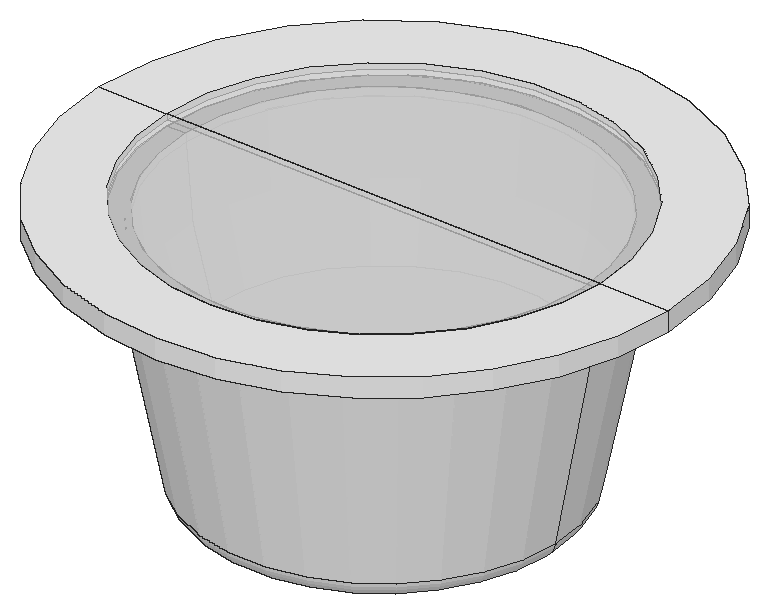
Revit family "2059129+2028036 Sylvania Lighting Fixture ASCT100 ARCH HO 4K SSC01 160 with IP44 Frost Glass", category Lighting Fixtures, host Face, Revit 2016
Family settings
  Host = Face
  Part Type = Normal
  Round Connector Dimension = Use Diameter
  OmniClass Number = 23.80.70.11.17
  OmniClass Title = Specialized Lighting by Location or Use
  Cut with Voids When Loaded = No
  Light Source = Yes
  Shared = No
  Room Calculation Point = No
Parameters (values of type "2059129+2028036 ASCT100 ARCH HO 4K SSC01 160 with IP44 Frost Glass")
  WidthBezelAcc_SYL = 25.0 mm
  Weight = "1.4 kg"
  Wattage = 17 W
  WarrantyStartDate [instance] = "n/a"
  WarrantyGuarantorParts = "n/a"
  WarrantyDurationUnit = "n/a"
  WarrantyDurationParts = "n/a"
  WarrantyDescription = "n/a"
  built-in parameter 1150110 = 1 (stored number, unit not read)
  Voltage = 0 V
  VisibilityAccessory_SYL = yes
  TypeName = "ASCT100 ARCH HO 4K SSC01 160 with IP44 Frost Glass"
  built-in parameter 1114217 = 1 (stored number, unit not read)
  Tilt Angle = -90°
  built-in parameter 1150109 = 1 (stored number, unit not read)
  built-in parameter 1150134 = 12
  built-in parameter 1150113 = 1 (stored number, unit not read)
  SerialNumber [instance] = "n/a"
  ReflectorRadius_SYL = Radius_SYL - 14.5 mm  # 80.0 mm
  RadiusAcc_SYL = 105.0 mm
  Radius_SYL = 94.5 mm
  URL = "http://www.sylvania-lighting.com"
  PowerFactor = 0.96
  PowerConsumption = "17 W"
  Photometric Web File = "2059129.ies"
  NominalWidth = 0.0 mm
  NominalLength = 0.0 mm
  NominalHeight = 94.0 mm
  Name = "ASCT100 ARCH HO 4K SSC01 160 with IP44 Frost Glass"
  ModelReference = "ASCT100 ARCH HO 4K SSC01 160 with IP44 Frost Glass"
  ModelNumber = "2059129+2028036"
  Material_4_SYL = none
  Material_3_SYL = Polycarbonate_Sylvania_Ascent_Opal
  Material_2_SYL = Aluminium_Sylvania_Ascent_Silver
  Material_1_SYL = Aluminum_Sylvania_Ascent_White
  Material = "aluminium housing, arcylic diffuser"
  ManufacturerName = "Feilo Sylvania"
  LuminousEfficacy = "113 lm/W"
  built-in parameter 1150105 = 152.87 (stored number, unit not read)
  Lumens = 1921 lm
  LuminaireType = ""
  built-in parameter 1150115 = 1 (stored number, unit not read)
  LightOutputRatio = "100"
  built-in parameter 1150137 = (empty or 0)
  built-in parameter 1150139 = (empty or 0)
  LampsType = Lamp  # "LED"
  LampNominalLuminous = "1921 lm"
  LampMacAdamStep = "3"
  LampColourTemperature = "4000 K"
  LampColourRenderingIndex = "80"
  built-in parameter 1150112 = 1 (stored number, unit not read)
  built-in parameter 1150114 = 1 (stored number, unit not read)
  Keynote = "16500"
  InstallationDate [instance] = "n/a"
  InputVoltage = "n/a"
  InputNominalFrequency = "n/a"
  built-in parameter 1150132 = (empty or 0)
  built-in parameter 1150102 = (empty or 0)
  built-in parameter 1150107 = 4000 (stored number, unit not read)
  built-in parameter 1150138 = (empty or 0)
  IngressProtection = "IP44"
  ImpactProtectionIndex = "IK02"
  built-in parameter 1150106 = 1.5287 (stored number, unit not read)
  IfcExportType = "IfcLightFixtureType"
  IfcExportAs = "IfcLightFixtureType"
  Height_SYL = 94.0 mm
  HeightAcc_SYL = 7.0 mm
  ExpectedLife = 50000
  EmittionSurface_SYL = if(VisibilityAccessory_SYL, 7.0 mm, 3.0 mm)  # 7.0 mm
  Emit from Circle Diameter = DiffuserRadius_SYL * 2  # 146.0 mm
  Emit Shape Visible in Rendering = no
  ElectricShockClassification = "Class II"
  built-in parameter 1150104 = 10.498 (stored number, unit not read)
  DurationUnit = "hours"
  DocumentationLiterature = "http://www.sylvania-lighting.com/product/en-int/products/2059129"
  DimmingControlOptions = "n/a"
  Dimming Lamp Color Temperature Shift = <None>
  DiffuserRadius_SYL = ReflectorRadius_SYL - 7.0 mm  # 73.0 mm
  Diameter_SYL = 2 * Radius_SYL  # 189.0 mm
  CutoutDiameter_SYL = Diameter_SYL - 13.0 mm  # 176.0 mm
  CreatedOn = "9/17/2018"
  CreatedBy = "@sylvania-lighting.com"
  Color Filter = 16777215
  built-in parameter 1114216 [instance] = 1 (stored number, unit not read)
  Model = "ASCT100 ARCH HO 4K SSC01 160 with IP44 Frost Glass"
  Manufacturer = "Feilo Sylvania"
  Lamp = "LED"
  Description = "Direct LED retro fit for original LED 100 Arch (160) single CFL lamp offering Matching lumen levels and improved light distribution of original LED 100 CFL lamp equivalents Typically half the power consumption compared to CFL Up to 112lm/W 160mm aperture Architectural reflector accepts range of glass accessories from existing LED 100 Arch 160 offering HE, HO and VHO versions equivalent of single 1 x 18W, 1 x 32W, 1 x 42W\r\n Additional VVHO versions which offer the performance circa 2 x 32W equivalent"  # constant formula
  Default Elevation = 0.0 mm
  built-in parameter 1140040 [instance] = 1
  BarCode [instance] = "n/a"
  built-in parameter 1114218 = 1 (stored number, unit not read)
  built-in parameter 1150133 = 10 (stored number, unit not read)
  AssetType = "Fixed"
  AssetIdentifier [instance] = "n/a"
  Assembly Code = "D5020200"
  Apparent Load = 17 VA
  Aperture_SYL = 2 * ReflectorRadius_SYL  # 160.0 mm
Reference planes
  plane 1 "Center (Front/Back)": y = 0
  plane 2: z = 0
  plane 3 "Center (Left/Right)": x = 0
  plane 4 "Fixture Bottom": z = 3
  plane 5: z = -52.5
  plane 6 "Fixture Top": z = -91
  plane 7: x = -105
  plane 8: z = 7
  plane 9: x = -80
  plane 10: z = 5
  plane 11: x = -103
Forms (mm)
  Extrusion 1, solid, material "Aluminum_Sylvania_Ascent_White", detail levels fine
    sketch origin (0, 0, 0) x (1, 0, 0) y (0, 1, 0)
      loop
        circle (0, 0) r 94.5
      loop
        circle (0, 0) r 80
    from 0 to 3
  Extrusion 2, void
    sketch origin (0, 0, 0) x (1, 0, 0) y (0, 1, 0)
      loop
        circle (0, 0) r 88
    from -91 to 3
  Revolve 3, solid, material "Aluminum_Sylvania_Ascent_White" <- "Material_1_SYL", detail levels fine
    sketch origin (0, 0, 0) x (1, 0, 0) y (0, 0, 1)
      loop
        line (0, -91.073) -> (0, -89.023) -> (-55.468, -89.014)
        arc (-55.468, -89.014) -> (-59.352, -87.613) -> (-61.54, -84.139) r 6.307
        line (-61.54, -84.139) -> (-77.991, -2.844) -> (-77.991, 0) -> (-80, 0) -> (-80, -3) -> (-63.5, -84.536)
        arc (-63.5, -84.536) -> (-60.643, -89.203) -> (-55.5, -91.073) r 8.291
        line (-55.5, -91.073) -> (0, -91.073)
      axis (0, 0) -> (0, -91.073)
    angle from 0 to 360
  Revolve 4, solid, material "Aluminium_Sylvania_Ascent_Silver" <- "Material_2_SYL", detail levels fine
    sketch origin (0, 0, 0) x (1, 0, 0) y (0, 0, 1)
      loop
        line (-80, 3) -> (-80, 0) -> (-75, 0)
        arc (-75, 0) -> (-72.349, -26.77) -> (-64.5, -52.5) r 136.5
        line (-64.5, -52.5) -> (-58, -52.5)
        arc (-58, -52.5) -> (-56.857, -61.521) -> (-53.5, -69.971) r 36.166
        line (-53.5, -69.971) -> (0, -69.971) -> (0, -50.5) -> (-63.16, -50.5)
        arc (-63.16, -50.5) -> (-70.517, -25.725) -> (-73, 0) r 134.5
        line (-73, 0) -> (-73, 3) -> (-80, 3)
      axis (0, 3) -> (0, -69.971)
    angle from 0 to 360
  Extrusion 5, solid, material "Polycarbonate_Sylvania_Ascent_Opal" <- "Material_3_SYL", detail levels fine
    sketch origin (0, 0, 0) x (1, 0, 0) y (0, 1, 0)
      loop
        circle (0, 0) r 73
    from 0 to 3
  Revolve 6, solid, material "Aluminum_Sylvania_Ascent_White" <- "Material_1_SYL", detail levels coarse+medium
    sketch origin (0, 0, 0) x (1, 0, 0) y (0, 0, 1)
      loop
        line (0, -91.073) -> (0, 3) -> (-94.5, 3) -> (-94.5, 0) -> (-79.5, 0) -> (-79.5, -3) -> (-63, -84.536)
        arc (-63, -84.536) -> (-60.143, -89.203) -> (-55, -91.073) r 8.291
        line (-55, -91.073) -> (0, -91.073)
      axis (0, 3) -> (0, -91.073)
    angle from 0 to 360
  Revolve 7, solid, material "Aluminum_Sylvania_Ascent_White" <- "Material_1_SYL", visible <- "VisibilityAccessory_SYL"
    sketch origin (0, 0, 0) x (1, 0, 0) y (0, 0, 1)
      loop
        line (-105, 0) -> (-103, 0) -> (-103, 5) -> (-80, 5) -> (-80, 7) -> (-105, 7) -> (-105, 0)
      axis (0, 7) -> (0, 0)
    angle from 0 to 360
  Revolve 8, solid, material "Polycarbonate_Sylvania_Ascent_Opal" <- "Material_3_SYL", visible <- "VisibilityAccessory_SYL"
    sketch origin (0, 0, 0) x (1, 0, 0) y (0, 0, 1)
      loop
        line (-80, 7) -> (-80, 5) -> (0, 5) -> (0, 7) -> (-80, 7)
      axis (0, 7) -> (0, 5)
    angle from 0 to 360
Lines and regions (mm)
  reference lines
    curve 1: line (-150, 0, 7) -> (125, 0, 7)
Dimensions and locks
  locked: plane 4 "Fixture Bottom" to plane 2 at 3
  "Height_SYL": plane 4 "Fixture Bottom" to plane 6 "Fixture Top"
  "ReflectorRadius_SYL": plane 3 "Center (Left/Right)" to Revolve 4 sketch curve
  locked: Revolve 4 sketch curve to Revolve 4 sketch curve at 15.5
  locked: Revolve 4 sketch curve to Revolve 4 sketch curve at 5
  locked: Revolve 4 sketch curve to Revolve 4 sketch curve at 7
  locked: Revolve 4 sketch curve to Revolve 4 sketch curve at 22
  locked: Revolve 4 sketch curve to Revolve 4 sketch curve at 26.5
  locked: Revolve 3 sketch curve to Revolve 3 sketch curve at 16.5
  locked: Revolve 3 sketch curve to Revolve 3 sketch curve at 24.5
  "ReflectorRadius_SYL": Revolve 3 sketch curve to plane 3 "Center (Left/Right)"
  locked: Revolve 3 sketch curve to plane 6 "Fixture Top" at 6.464
  locked: plane 2 to Revolve 3 sketch curve at 3
  locked: Revolve 3 sketch curve to Revolve 3 sketch curve at 2
  locked: Revolve 3 sketch curve to Revolve 3 sketch curve at 2.009
  locked: plane 2 to plane 5 at 52.5
  locked: Revolve 6 sketch curve to Revolve 6 sketch curve at 31.5
  locked: Revolve 6 sketch curve to Revolve 6 sketch curve at 39.5
  locked: Revolve 6 sketch curve to Revolve 6 sketch curve at 15
  "Radius_SYL": plane 3 "Center (Left/Right)" to Revolve 6 sketch curve
  "RadiusAcc_SYL": plane 3 "Center (Left/Right)" to plane 7
  "HeightAcc_SYL": plane 8 to level
  "WidthBezelAcc_SYL": plane 7 to plane 9
  locked: plane 7 to plane 11 at 2
  locked: plane 8 to plane 10 at 2
  "EmittionSurface_SYL": curve 1 to level
  "CutoutDiameter_SYL": diameter of Extrusion 2 sketch curve
  "ReflectorRadius_SYL": radius of Extrusion 1 sketch curve
  "DiffuserRadius_SYL": radius of Extrusion 5 sketch curve
  "Radius_SYL": radius of Extrusion 1 sketch curve
  aligned and locked: host face to plane 2
  aligned and locked: host face to level
  aligned and locked: plane 4 "Fixture Bottom" to Extrusion 1
  aligned and locked: Extrusion 1 to plane 2
  aligned and locked: Revolve 3 sketch curve to plane 3 "Center (Left/Right)"
  aligned and locked: Revolve 4 sketch curve to plane 3 "Center (Left/Right)"  (x2)
  aligned and locked: plane 4 "Fixture Bottom" to Revolve 4 sketch curve
  aligned and locked: Extrusion 5 to plane 2
  aligned and locked: plane 2 to Revolve 3 sketch curve  (x2)
  aligned and locked: Revolve 6 sketch curve to plane 3 "Center (Left/Right)"
  aligned and locked: plane 6 "Fixture Top" to Extrusion 2
  aligned and locked: Revolve 7 sketch curve to plane 3 "Center (Left/Right)"
  aligned and locked: host face to Revolve 7 sketch curve  (x2)
  aligned and locked: Revolve 7 sketch curve to plane 7
  aligned and locked: plane 8 to Revolve 7 sketch curve
  aligned and locked: plane 9 to Revolve 7 sketch curve
  aligned and locked: Revolve 7 sketch curve to plane 10
  aligned and locked: plane 11 to Revolve 7 sketch curve
  aligned and locked: Revolve 7 to Revolve 8 sketch curve
  aligned and locked: Revolve 8 sketch curve to Revolve 7  (x2)
  aligned and locked: Revolve 8 sketch curve to plane 3 "Center (Left/Right)"  (x2)
  aligned and locked: plane 3 "Center (Left/Right)" to imposter light
  aligned and locked: imposter light to plane 1 "Center (Front/Back)"
  aligned and locked: imposter light to curve 1
Automatic sketch dimensions
  plane 1 "Center (Front/Back)" to Extrusion 2 sketch curve = 0.0 mm
  Extrusion 2 sketch curve to plane 3 "Center (Left/Right)" = 0.0 mm
  Extrusion 1 sketch curve to Extrusion 1 sketch curve = 0.0 mm  (x2)
  plane 1 "Center (Front/Back)" to Extrusion 1 sketch curve = 0.0 mm
  Extrusion 1 sketch curve to plane 3 "Center (Left/Right)" = 0.0 mm
  plane 6 "Fixture Top" to Revolve 3 sketch curve = 0.073 mm
  Revolve 3 sketch curve to plane 6 "Fixture Top" = 6.861 mm
  Revolve 3 sketch curve to Revolve 3 sketch curve = 0.003 mm
  Revolve 3 sketch curve to Revolve 3 sketch curve = 0.009 mm  (x2)
  Revolve 3 sketch curve to Revolve 3 sketch curve = 0.023 mm
  Revolve 3 sketch curve to Revolve 3 sketch curve = 0.072 mm
  Revolve 3 sketch curve to Revolve 3 sketch curve = 0.008 mm
  Revolve 3 sketch curve to plane 6 "Fixture Top" = 1.977 mm
  Revolve 3 sketch curve to Revolve 3 sketch curve = 33.496 mm
  Revolve 3 sketch curve to Revolve 3 sketch curve = 0.028 mm
  plane 4 "Fixture Bottom" to Revolve 3 sketch curve = 82.431 mm
  Revolve 4 sketch curve to Revolve 4 sketch curve = 0.0 mm  (x2)
  Revolve 4 sketch curve to plane 5 = 0.0 mm
  Revolve 4 sketch curve to level = 0.0 mm
  plane 5 to Revolve 4 sketch curve = 2.0 mm
  plane 4 "Fixture Bottom" to Revolve 4 sketch curve = 9.642 mm
  plane 1 "Center (Front/Back)" to Extrusion 5 sketch curve = 0.0 mm
  Extrusion 5 sketch curve to plane 3 "Center (Left/Right)" = 0.0 mm
  Revolve 4 sketch curve to level = 69.971 mm
  Revolve 4 sketch curve to Revolve 4 sketch curve = 2.387 mm
  Revolve 6 sketch curve to level = 0.0 mm
  Revolve 6 sketch curve to plane 3 "Center (Left/Right)" = 0.0 mm
  Revolve 6 sketch curve to Revolve 6 sketch curve = 8.104 mm
  Revolve 6 sketch curve to level = 3.0 mm
  Revolve 6 sketch curve to plane 6 "Fixture Top" = 6.464 mm
  plane 6 "Fixture Top" to Revolve 6 sketch curve = 0.073 mm
  Revolve 6 sketch curve to Revolve 6 sketch curve = 33.496 mm
  plane 4 "Fixture Bottom" to Revolve 6 sketch curve = 82.431 mm
  host sketch curve to host sketch curve = 1704.996 mm
  host sketch curve to host sketch curve = 1500.0 mm
  plane 6 "Fixture Top" to Revolve 7 sketch curve = 281.274 mm
  Revolve 7 sketch curve to plane 8 = 1140.706 mm
  plane 6 "Fixture Top" to Revolve 8 sketch curve = 281.274 mm
  Revolve 8 sketch curve to Revolve 8 sketch curve = 1140.706 mm
  Revolve 3 sketch curve to plane 3 "Center (Left/Right)" = 0.0 mm
  Revolve 6 sketch curve to plane 4 "Fixture Bottom" = 0.0 mm
  plane 7 to curve 1 = 45.0 mm
  plane 3 "Center (Left/Right)" to curve 1 = 125.0 mm
Connectors
  electrical at (0, 0, -91.073), driven by "Apparent Load"
    settings: on Revolve 3, index 1, voltage 240 V, apparent load 0 VA, apparent load phase1 17 VA, apparent load phase2 0 VA, apparent load phase3 0 VA, power factor 1, load classification "Lighting", number of poles 1, system type 31, power factor state 1, is connector primary yes, connector utility no, sub classification motor no, connector description ""
